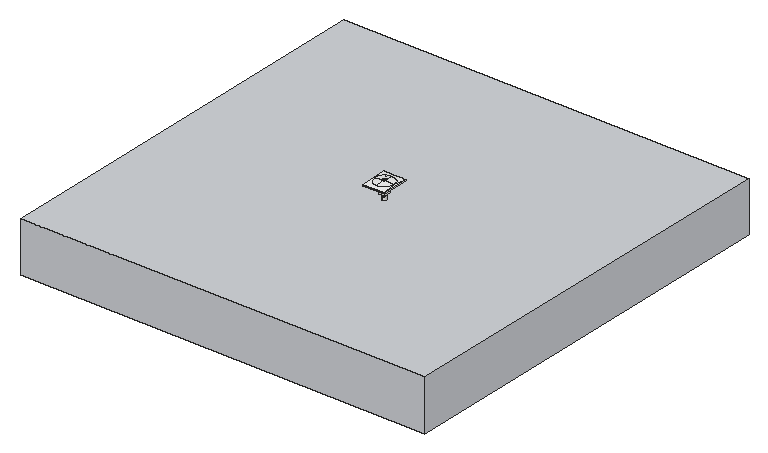
Revit family
Parameters (values of type "Chrome-Polished_Chrome-CP")
  Width = 0' - 5 1/4"
  WFU = 0
  URL = "http://www.us.kohler.com"
  Product Page URL = "http://www.us.kohler.com/onlinecatalog/detail.jsp?prod_num=14786"
  Product Documentation Link = "http://www.us.kohler.com/onlinecatalog/pdf/1124038_4.pdf"
  Model = "K-14786"  # constant formula
  Manufacturer = "Kohler"  # constant formula
  Length = 0' - 3 7/8"
  Hot Water Radius = 3/16"
  Hot Water Diameter = Hot Water Radius * 2  # 3/8"
  Hot Water Connector = "Hot Water Connection"  # constant formula
  Height = 0' - 6 5/16"
  HWFU = 0
  HW Connection = yes
  Finish = Chrome-Kohler-CP-Polished_Chrome
  Description = "Loure® single-function showerhead"  # constant formula
  Default Elevation = 0' - 0"
  Cold Water Radius = 3/16"
  Cold Water Diameter = Cold Water Radius * 2  # 3/8"
  Cold Water Connector = "Cold Water Connection"  # constant formula
  CWFU = 0
  CW Connection = yes
  Assembly Code = "D2010700"
  ADA Compliant = no
Types (4): name | Finish
  (no name) | Chrome-Kohler-CP-Polished_Chrome
  Chrome-Polished_Chrome-CP | Chrome-Kohler-CP-Polished_Chrome
  Nickel-Vibrant_Brushed_Nickel-BN | Nickel-Kohler-BN-Vibrant_Brushed_Nickel
  Nickel-Vibrant_Polished_Nickel-SN | Nickel-Kohler-SN-Vibrant_Polished_Nickel
Reference planes (in)
  plane 1 "Center (Front/Back)": y = 0
  plane 2 "Back": z = 0
  plane 3 "Center (Left/Right)": x = 0
  plane 4 "Left": x = -2.625
  plane 5 "Right": x = 2.625
  plane 6 "Top": y = 3.15625
  plane 7 "Bottom": y = -3.15625
  plane 8 "Front": z = 3.875
  plane 9: z = 1.17019
  plane 10: y = 0.75596
  plane 11: y = -0.75596
  plane 12: x = -0.62872
  plane 13: x = 0.62872
  plane 14: y = 0.79085
  plane 15: y = -0.79085
  plane 16: x = -0.65997
  plane 17: x = 0.65997
  plane 18: z = 3.24555
  plane 19: y = 2.53047
  plane 20: y = -2.53352
  plane 21: z = 3.50008
  plane 22: z = 2.15751
  plane 23: y = 0.50504
  plane 24: y = -0.49583
  plane 25: z = 0.97128
  plane 26: y = 0.3576
  plane 27: z = 1.09086
  plane 28: y = 0.33937
  plane 29: y = 0.41908
  plane 30: z = 2.21929
  plane 31: z = 3.093
  plane 32: y = 2.40341
  plane 33: y = 2.27523
  plane 34: z = 3.68734
  plane 35: y = 2.23453
  plane 36: y = 0.46115
  plane 37: z = 3.8928
  plane 38: y = -0.50504
  plane 39: y = -0.3576
  plane 40: y = -0.33937
  plane 41: y = -0.41908
  plane 42: y = -2.40341
  plane 43: y = -2.27523
  plane 44: y = -2.23453
  plane 45: y = -0.46115
  plane 46: x = -0.50504
  plane 47: x = 0.49583
  plane 48: z = 0.97128
  plane 49: x = -0.3576
  plane 50: z = 1.09086
  plane 51: x = -0.33937
  plane 52: x = -0.41908
  plane 53: z = 2.21929
  plane 54: z = 3.093
  plane 55: x = -2.40341
  plane 56: x = -2.27523
  plane 57: z = 3.68734
  plane 58: x = -2.23453
  plane 59: x = -0.46115
  plane 60: z = 3.8928
  plane 61: x = 0.50504
  plane 62: x = 0.3576
  plane 63: x = 0.33937
  plane 64: x = 0.41908
  plane 65: x = 2.40341
  plane 66: x = 2.27523
  plane 67: x = 2.23453
  plane 68: x = 0.46115
  plane 69: x = -2.625
  plane 70: z = 0.22226
  plane 71: x = 0.26499
  plane 72: x = -0.26499
Forms (in)
  Extrusion 1, solid
    sketch origin (0, 0, 0) x (1, 0, 0) y (0, 1, 0)
      loop
        line (-48, 48) -> (-48, -48) -> (48, -48) -> (48, 48) -> (-48, 48)
    from 0 to -12
  Blend 2, solid, material "Chrome-Kohler-CP-Polished_Chrome" <- "Finish"
    base sketch origin (0, 0, 0) x (1, 0, 0) y (0, 1, 0)
      loop
        line (2.625, 3.15625) -> (-2.625, 3.15625) -> (-2.625, -3.15625) -> (2.625, -3.15625) -> (2.625, 3.15625)
    top sketch origin (0, 0, 0) x (1, 0, 0) y (0, 1, 0)
      loop
        circle (0, 0) r 2.26868
    from 3.50008 to 3.68396
  Blend 3, solid, material "Chrome-Kohler-CP-Polished_Chrome" <- "Finish"
    base sketch origin (0, 0, 0) x (1, 0, 0) y (0, 1, 0)
      loop
        arc (2.26868, 0) -> (1.6042, 1.6042) -> (0, 2.26868) r 2.26868
        arc (0, 2.26868) -> (-1.6042, 1.6042) -> (-2.26868, 0) r 2.26868
        arc (-2.26868, 0) -> (-1.6042, -1.6042) -> (0, -2.26868) r 2.26868
        arc (0, -2.26868) -> (1.6042, -1.6042) -> (2.26868, 0) r 2.26868
    top sketch origin (0, 0, 0) x (1, 0, 0) y (0, 1, 0)
      loop
        arc (-0.4603, 0) -> (-0.32548, -0.32548) -> (0, -0.4603) r 0.4603
        arc (0, -0.4603) -> (0.32548, -0.32548) -> (0.4603, 0) r 0.4603
        arc (0.4603, 0) -> (0.32548, 0.32548) -> (0, 0.4603) r 0.4603
        arc (0, 0.4603) -> (-0.32548, 0.32548) -> (-0.4603, 0) r 0.4603
    from 3.68396 to 3.8921
  Blend 4, solid, material "Chrome-Kohler-CP-Polished_Chrome" <- "Finish"
    base sketch origin (0, 0, 0) x (1, 0, 0) y (0, 1, 0)
      loop
        arc (0, 0.4603) -> (-0.32548, 0.32548) -> (-0.4603, 0) r 0.4603
        arc (-0.4603, 0) -> (-0.32548, -0.32548) -> (0, -0.4603) r 0.4603
        arc (0, -0.4603) -> (0.32548, -0.32548) -> (0.4603, 0) r 0.4603
        arc (0.4603, 0) -> (0.32548, 0.32548) -> (0, 0.4603) r 0.4603
    top sketch origin (0, 0, 0) x (1, 0, 0) y (0, 1, 0)
      loop
        arc (0.07749, 0) -> (0.05479, 0.05479) -> (0, 0.07749) r 0.07749
        arc (0, 0.07749) -> (-0.05479, 0.05479) -> (-0.07749, 0) r 0.07749
        arc (-0.07749, 0) -> (-0.05479, -0.05479) -> (0, -0.07749) r 0.07749
        arc (0, -0.07749) -> (0.05479, -0.05479) -> (0.07749, 0) r 0.07749
    from 3.8921 to 3.90283
  Extrusion 5, solid, material "Chrome-Kohler-CP-Polished_Chrome" <- "Finish"
    sketch origin (0, 0, 0) x (1, 0, 0) y (0, 1, 0)
      loop
        arc (0.07749, 0) -> (0.05479, 0.05479) -> (0, 0.07749) r 0.07749
        arc (0, 0.07749) -> (-0.05479, 0.05479) -> (-0.07749, 0) r 0.07749
        arc (-0.07749, 0) -> (-0.05479, -0.05479) -> (0, -0.07749) r 0.07749
        arc (0, -0.07749) -> (0.05479, -0.05479) -> (0.07749, 0) r 0.07749
    from 3.68396 to 3.875
  Revolve 6, solid, material "Chrome-Kohler-CP-Polished_Chrome" <- "Finish"
    sketch origin (0, 0, 0) x (0, 1, 0) y (0, 0, 1)
      loop
        line (0.41988, 1.17019) -> (0, 1.17019) -> (0, 0) -> (0.5, 0) -> (0.5, 0.75792)
        arc (0.5, 0.75792) -> (0.46056, 0.88691) -> (0.35574, 0.9718) r 0.23068
        arc (0.35574, 0.9718) -> (0.31318, 1.02726) -> (0.34106, 1.09137) r 0.06887
        line (0.34106, 1.09137) -> (0.41988, 1.17019)
      axis (0, 1.17019) -> (0, 0)
    angle from 0 to 360
  Blend 7, solid, material "Chrome-Kohler-CP-Polished_Chrome" <- "Finish"
    base sketch origin (0, 0, 0) x (1, 0, 0) y (0, 1, 0)
      loop
        line (-0.65997, 0.79085) -> (-0.65997, -0.79085) -> (0.65997, -0.79085) -> (0.65997, 0.79085) -> (-0.65997, 0.79085)
    top sketch origin (0, 0, 0) x (1, 0, 0) y (0, 1, 0)
      loop
        line (-2.26868, 2.53047) -> (-2.26868, -2.53352) -> (2.26868, -2.53352) -> (2.26868, 2.53047) -> (-2.26868, 2.53047)
    from 2.15751 to 3.24555
  Extrusion 8, solid, material "Chrome-Kohler-CP-Polished_Chrome" <- "Finish"
    sketch origin (0, 0, 0) x (1, 0, 0) y (0, 1, 0)
      loop
        line (-2.625, 3.15625) -> (-2.625, -3.15625) -> (2.625, -3.15625) -> (2.625, 3.15625) -> (-2.625, 3.15625)
    from 3.24555 to 3.50008
  Blend 9, solid, material "Chrome-Kohler-CP-Polished_Chrome" <- "Finish"
    base sketch origin (0, 0, 0) x (1, 0, 0) y (0, 1, 0)
      loop
        line (-0.62872, 0.75596) -> (-0.62872, -0.75596) -> (0.62872, -0.75596) -> (0.62872, 0.75596) -> (-0.62872, 0.75596)
    top sketch origin (0, 0, 0) x (1, 0, 0) y (0, 1, 0)
      loop
        line (-0.65997, 0.79085) -> (-0.65997, -0.79085) -> (0.65997, -0.79085) -> (0.65997, 0.79085) -> (-0.65997, 0.79085)
    from 1.17019 to 2.15751
  Extrusion 10, void
    sketch origin (0, 0, 0) x (1, 0, 0) y (0, 1, 0)
      loop
        arc (0.07749, 0) -> (0.13241, -0.13258) -> (0.26499, -0.1875) r 0.1875
        arc (0.26499, -0.1875) -> (0.39757, -0.13258) -> (0.45249, 0) r 0.1875
        arc (0.45249, 0) -> (0.39757, 0.13258) -> (0.26499, 0.1875) r 0.1875
        arc (0.26499, 0.1875) -> (0.13241, 0.13258) -> (0.07749, 0) r 0.1875
      loop
        arc (-0.07749, 0) -> (-0.13241, 0.13258) -> (-0.26499, 0.1875) r 0.1875
        arc (-0.26499, 0.1875) -> (-0.39757, 0.13258) -> (-0.45249, 0) r 0.1875
        arc (-0.45249, 0) -> (-0.39757, -0.13258) -> (-0.26499, -0.1875) r 0.1875
        arc (-0.26499, -0.1875) -> (-0.13241, -0.13258) -> (-0.07749, 0) r 0.1875
    from 0 to 0.22226
Cuts and joins
  Extrusion 10 cuts Revolve 6
  joined: Blend 2, Blend 3, Blend 4, Extrusion 5, Revolve 6, Blend 7, Extrusion 8, Blend 9
Lines and regions (in)
  Masking region 1
    outline origin (0, 0, 0) x (1, 0, 0) y (0, 1, 0)
      loop
        line (-2.625, 3.15625) -> (-2.625, -3.15625) -> (2.625, -3.15625) -> (2.625, 3.15625) -> (-2.625, 3.15625)
  Masking region 2, detail levels coarse
    outline origin (0, 0, 0) x (0, 1, 0) y (0, 0, 1)
      loop
        line (3.15625, 3.875) -> (-3.15625, 3.875) -> (-3.15625, 0) -> (3.15625, 0) -> (3.15625, 3.875)
  Masking region 3, detail levels medium+fine
    outline origin (0, 0, 0) x (0, 1, 0) y (0, 0, 1)
      loop
        line (-0.50504, 0) -> (0.50504, 0) -> (0.50504, 0.75792)
        arc (0.50504, 0.75792) -> (0.46459, 0.8876) -> (0.3576, 0.97128) r 0.22809
        arc (0.3576, 0.97128) -> (0.31352, 1.02574) -> (0.33937, 1.09086) r 0.06941
        line (0.33937, 1.09086) -> (0.41869, 1.17019) -> (0.75596, 1.17019) -> (0.79259, 2.21929) -> (2.40341, 3.093)
        arc (2.40341, 3.093) -> (2.48158, 3.15708) -> (2.53047, 3.24555) r 0.26809
        line (2.53047, 3.24555) -> (3.15625, 3.24555) -> (3.15625, 3.50008)
        arc (3.15625, 3.50008) -> (1.84071, 3.76441) -> (0.50504, 3.8928) r 13.10165
        line (0.50504, 3.8928) -> (0.41908, 3.8928)
        arc (0.41908, 3.8928) -> (0, 3.90286) -> (-0.41908, 3.8928) r 8.73831
        line (-0.41908, 3.8928) -> (-0.50504, 3.8928)
        arc (-0.50504, 3.8928) -> (-1.84071, 3.76441) -> (-3.15625, 3.50008) r 13.10165
        line (-3.15625, 3.50008) -> (-3.15625, 3.24555) -> (-2.53047, 3.24555)
        arc (-2.53047, 3.24555) -> (-2.48158, 3.15708) -> (-2.40341, 3.093) r 0.26809
        line (-2.40341, 3.093) -> (-0.79259, 2.21929) -> (-0.75596, 1.17019) -> (-0.41869, 1.17019) -> (-0.33937, 1.09086)
        arc (-0.33937, 1.09086) -> (-0.31352, 1.02574) -> (-0.3576, 0.97128) r 0.06941
        arc (-0.3576, 0.97128) -> (-0.46459, 0.8876) -> (-0.50504, 0.75792) r 0.22809
        line (-0.50504, 0.75792) -> (-0.50504, 0)
  Masking region 4, detail levels medium+fine
    outline origin (0, 0, 0) x (-1, 0, 0) y (0, 0, 1)
      loop
        line (-0.50504, 0) -> (0.50504, 0) -> (0.50504, 0.75792)
        arc (0.50504, 0.75792) -> (0.46459, 0.8876) -> (0.3576, 0.97128) r 0.22809
        arc (0.3576, 0.97128) -> (0.31352, 1.02574) -> (0.33937, 1.09086) r 0.06941
        line (0.33937, 1.09086) -> (0.41869, 1.17019) -> (0.75596, 1.17019) -> (0.79259, 2.21929) -> (2.40341, 3.093)
        arc (2.40341, 3.093) -> (2.48158, 3.15708) -> (2.53047, 3.24555) r 0.26809
        line (2.53047, 3.24555) -> (2.625, 3.24555) -> (2.625, 3.50008)
        arc (2.625, 3.50008) -> (1.57585, 3.75488) -> (0.50504, 3.8928) r 9.80577
        line (0.50504, 3.8928) -> (0.41908, 3.8928)
        arc (0.41908, 3.8928) -> (0, 3.90286) -> (-0.41908, 3.8928) r 8.73831
        line (-0.41908, 3.8928) -> (-0.50504, 3.8928)
        arc (-0.50504, 3.8928) -> (-1.58305, 3.79379) -> (-2.625, 3.50008) r 5.91826
        line (-2.625, 3.50008) -> (-2.625, 3.24555) -> (-2.53047, 3.24555)
        arc (-2.53047, 3.24555) -> (-2.48158, 3.15708) -> (-2.40341, 3.093) r 0.26809
        line (-2.40341, 3.093) -> (-0.79259, 2.21929) -> (-0.75596, 1.17019) -> (-0.41869, 1.17019) -> (-0.33937, 1.09086)
        arc (-0.33937, 1.09086) -> (-0.31352, 1.02574) -> (-0.3576, 0.97128) r 0.06941
        arc (-0.3576, 0.97128) -> (-0.46459, 0.8876) -> (-0.50504, 0.75792) r 0.22809
        line (-0.50504, 0.75792) -> (-0.50504, 0)
  Masking region 5
    outline origin (0, 0, 0) x (1, 0, 0) y (0, 1, 0)
      loop
        line (-2.625, 3.15625) -> (-2.625, -3.15625) -> (2.625, -3.15625) -> (2.625, 3.15625) -> (-2.625, 3.15625)
  Masking region 6, detail levels coarse
    outline origin (0, 0, 0) x (1, 0, 0) y (0, 0, 1)
      loop
        line (-2.625, 3.875) -> (-2.625, 0) -> (2.625, 0) -> (2.625, 3.875) -> (-2.625, 3.875)
  symbolic lines, style "Masking Lines", detail levels medium+fine
    curve 1: arc (-2.26868, 0, 0) -> (-1.6042, 1.6042, 0) -> (0, 2.26868, 0) r 2.26868
    curve 2: arc (0, 2.26868, 0) -> (1.6042, 1.6042, 0) -> (2.26868, 0, 0) r 2.26868
    curve 3: arc (2.26868, 0, 0) -> (1.6042, -1.6042, 0) -> (0, -2.26868, 0) r 2.26868
    curve 4: arc (0, -2.26868, 0) -> (-1.6042, -1.6042, 0) -> (-2.26868, 0, 0) r 2.26868
    curve 45: arc (-2.26868, 0, 0) -> (-1.6042, 1.6042, 0) -> (0, 2.26868, 0) r 2.26868
    curve 46: arc (0, 2.26868, 0) -> (1.6042, 1.6042, 0) -> (2.26868, 0, 0) r 2.26868
    curve 47: arc (2.26868, 0, 0) -> (1.6042, -1.6042, 0) -> (0, -2.26868, 0) r 2.26868
    curve 48: arc (0, -2.26868, 0) -> (-1.6042, -1.6042, 0) -> (-2.26868, 0, 0) r 2.26868
  symbolic lines, style "Masking Lines", detail levels fine
    curve 5: arc (0, 0.4603, 0) -> (0.32548, 0.32548, 0) -> (0.4603, 0, 0) r 0.4603
    curve 6: arc (0.4603, 0, 0) -> (0.32548, -0.32548, 0) -> (0, -0.4603, 0) r 0.4603
    curve 7: arc (0, -0.4603, 0) -> (-0.32548, -0.32548, 0) -> (-0.4603, 0, 0) r 0.4603
    curve 8: arc (-0.4603, 0, 0) -> (-0.32548, 0.32548, 0) -> (0, 0.4603, 0) r 0.4603
    curve 9: line (0, -0.75592, 1.16905) -> (0, 0.756, 1.17132)
    curve 10: line (0, 0.83834, 2.24502) -> (0, -0.83834, 2.24255)
    curve 11: line (0, -3.15627, 3.24085) -> (0, 3.15326, 3.25024)
    curve 12: line (0, -3.08263, 3.48183) -> (0, -3.02327, 3.48573)
    curve 13: line (0, -3.02327, 3.48573) -> (0, -2.9664, 3.48905)
    curve 14: line (0, -2.9664, 3.48905) -> (0, -2.90956, 3.49182)
    curve 15: line (0, -2.90956, 3.49182) -> (0, -2.85281, 3.49431)
    curve 16: line (0, -2.85281, 3.49431) -> (0, -2.79597, 3.49638)
    curve 17: line (0, -2.79597, 3.49638) -> (0, -2.73929, 3.498)
    curve 18: line (0, -2.73929, 3.498) -> (0, -2.68261, 3.49921)
    curve 19: line (0, -2.68261, 3.49921) -> (0, -2.62596, 3.50005)
    curve 20: line (0, -2.62596, 3.50005) -> (0, -2.56935, 3.50028)
    curve 21: line (0, -2.56935, 3.50028) -> (0, -2.18215, 3.50205)
    curve 22: line (0, -2.18215, 3.50205) -> (0, -1.80933, 3.50378)
    curve 23: line (0, -1.80933, 3.50378) -> (0, -1.45009, 3.50552)
    curve 24: line (0, -1.45009, 3.50552) -> (0, -1.10528, 3.50738)
    curve 25: line (0, -1.10528, 3.50738) -> (0, -0.7731, 3.50923)
    curve 26: line (0, -0.7731, 3.50923) -> (0, -0.44905, 3.51062)
    curve 27: line (0, -0.44905, 3.51062) -> (0, -0.13722, 3.51151)
    curve 28: line (0, -0.13722, 3.51151) -> (0, 0.16605, 3.51151)
    curve 29: line (0, 0.16605, 3.51151) -> (0, 0.4766, 3.51151)
    curve 30: line (0, 0.4766, 3.51151) -> (0, 0.79771, 3.51151)
    curve 31: line (0, 0.79771, 3.51151) -> (0, 1.12556, 3.51059)
    curve 32: line (0, 1.12556, 3.51059) -> (0, 1.4655, 3.50981)
    curve 33: line (0, 1.4655, 3.50981) -> (0, 1.81906, 3.50916)
    curve 34: line (0, 1.81906, 3.50916) -> (0, 2.18561, 3.50916)
    curve 35: line (0, 2.18561, 3.50916) -> (0, 2.56558, 3.50916)
    curve 36: line (0, 2.56558, 3.50916) -> (0, 2.62212, 3.50916)
    curve 37: line (0, 2.62212, 3.50916) -> (0, 2.67884, 3.50714)
    curve 38: line (0, 2.67884, 3.50714) -> (0, 2.73548, 3.50614)
    curve 39: line (0, 2.73548, 3.50614) -> (0, 2.7922, 3.50463)
    curve 40: line (0, 2.7922, 3.50463) -> (0, 2.849, 3.50279)
    curve 41: line (0, 2.849, 3.50279) -> (0, 2.90576, 3.50047)
    curve 42: line (0, 2.90576, 3.50047) -> (0, 2.96259, 3.49781)
    curve 43: line (0, 2.96259, 3.49781) -> (0, 3.01954, 3.49472)
    curve 44: line (0, 3.01954, 3.49472) -> (0, 3.07878, 3.4909)
    curve 49: arc (0, 0.4603, 0) -> (0.32548, 0.32548, 0) -> (0.4603, 0, 0) r 0.4603
    curve 50: arc (0.4603, 0, 0) -> (0.32548, -0.32548, 0) -> (0, -0.4603, 0) r 0.4603
    curve 51: arc (0, -0.4603, 0) -> (-0.32548, -0.32548, 0) -> (-0.4603, 0, 0) r 0.4603
    curve 52: arc (-0.4603, 0, 0) -> (-0.32548, 0.32548, 0) -> (0, 0.4603, 0) r 0.4603
    curve 53: arc (0, 0.34106, 0) -> (0.34106, 0, 0) -> (0, -0.34106, 0) r 0.34106
    curve 54: arc (0, -0.34106, 0) -> (-0.34106, 0, 0) -> (0, 0.34106, 0) r 0.34106
    curve 55: line (-2.625, 0, 3.50008) -> (2.625, 0, 3.50008)
    curve 56: line (-1.86811, 0, 3.68396) -> (1.97282, 0, 3.68396)
    curve 57: line (-2.625, 0, 3.24555) -> (2.625, 0, 3.24555)
    curve 58: line (-0.79259, 0, 2.21929) -> (0.79259, 0, 2.21929)
    curve 59: line (-0.75596, 0, 1.17019) -> (0.75596, 0, 1.17019)
Dimensions and locks (in)
  plane 4 "Left" to plane 5 "Right" = 0' - 5 1/4"
  equal spacing: plane 12, plane 3 "Center (Left/Right)", plane 13
  plane 12 to plane 13 = 0' - 1.25744"
  plane 32 to plane 33 to plane 35 to plane 23 to plane 36 to plane 29 to plane 26 to plane 28 to plane 40 to plane 39 to plane 41 to plane 45 to plane 24 to plane 38 to plane 44 to plane 43 to plane 42 = 0' - 0.12818" locked, 0' - 0.0407" locked, 0' - 1.72949" locked, 0' - 0.04389" locked, 0' - 0.04207" locked, 0' - 0.06148" locked, 0' - 0.01823" locked, 0' - 0.67874" locked, 0' - 0.01823" locked, 0' - 0.06148" locked, 0' - 0.04207" locked, 0' - 0.03468" locked, 0' - 0.00921" locked, 0' - 1.72949" locked, 0' - 0.0407" locked, 0' - 0.12818" locked
  plane 37 to plane 34 to plane 31 to plane 30 to plane 27 to plane 25 to plane 2 "Back" = 0' - 0.20546" locked, 0' - 0.59434" locked, 0' - 0.87371" locked, 0' - 1.12843" locked, 0' - 0.11958" locked, 0' - 0.97128" locked
  plane 55 to plane 56 to plane 58 to plane 46 to plane 59 to plane 52 to plane 49 to plane 51 to plane 63 to plane 62 to plane 64 to plane 68 to plane 47 to plane 61 to plane 67 to plane 66 to plane 65 = 0' - 0.12818" locked, 0' - 0.0407" locked, 0' - 1.72949" locked, 0' - 0.04389" locked, 0' - 0.04207" locked, 0' - 0.06148" locked, 0' - 0.01823" locked, 0' - 0.67874" locked, 0' - 0.01823" locked, 0' - 0.06148" locked, 0' - 0.04207" locked, 0' - 0.03468" locked, 0' - 0.00921" locked, 0' - 1.72949" locked, 0' - 0.0407" locked, 0' - 0.12818" locked
  plane 60 to plane 57 to plane 54 to plane 53 to plane 50 to plane 48 = 0' - 0.20546" locked, 0' - 0.59434" locked, 0' - 0.87371" locked, 0' - 1.12843" locked, 0' - 0.11958" locked
  plane 21 to plane 18 to plane 22 to plane 9 to plane 70 to plane 2 "Back" = 0' - 0.25453" locked, 0' - 1.08803" locked, 0' - 0.98733" locked, 0' - 0.94793" locked, 0' - 0.22226" locked
  "Length": plane 8 "Front" to plane 2 "Back"
  "Width": plane 5 "Right" to plane 69
  plane 17 to plane 13 to plane 3 "Center (Left/Right)" to plane 12 to plane 16 = 0' - 0 1/32" locked, 0' - 0.62872" locked, 0' - 0.62872" locked, 0' - 0 1/32" locked
  plane 19 to plane 14 to plane 10 to plane 1 "Center (Front/Back)" to plane 11 to plane 15 to plane 20 = 0' - 1.73962" locked, 0' - 0.03489" locked, 0' - 0.75596" locked, 0' - 0.75596" locked, 0' - 0.03489" locked, 0' - 1.74267" locked
  "Height": plane 6 "Top" to plane 7 "Bottom"
  "Cold Water Radius": radius of Extrusion 10 sketch curve
  "Hot Water Radius": radius of Extrusion 10 sketch curve
  aligned and locked: plane 2 "Back" to Extrusion 1
  aligned and locked: level to Extrusion 1
  aligned and locked: Blend 4 sketch curve to Blend 3  (x4)
  aligned and locked: Extrusion 5 sketch curve to Blend 4  (x4)
  aligned and locked: Extrusion 5 to plane 8 "Front"
  aligned and locked: plane 2 "Back" to Revolve 6
  aligned and locked: Revolve 6 to plane 9
  aligned and locked: Blend 2 sketch curve to plane 4 "Left"
  aligned and locked: plane 5 "Right" to Blend 2 sketch curve
  aligned and locked: Blend 7 sketch curve to plane 14
  aligned and locked: Blend 7 sketch curve to plane 17
  aligned and locked: plane 15 to Blend 7 sketch curve
  aligned and locked: plane 16 to Blend 7 sketch curve
  aligned and locked: Blend 7 sketch curve to plane 19
  aligned and locked: plane 20 to Blend 7 sketch curve
  aligned and locked: Extrusion 8 sketch curve to plane 6 "Top"
  aligned and locked: Extrusion 8 sketch curve to plane 5 "Right"
  aligned and locked: plane 7 "Bottom" to Extrusion 8 sketch curve
  aligned and locked: plane 4 "Left" to Extrusion 8 sketch curve
  aligned and locked: plane 18 to Extrusion 8
  aligned and locked: Extrusion 8 to plane 21
  aligned and locked: Blend 9 sketch curve to plane 10
  aligned and locked: Blend 9 sketch curve to plane 13
  aligned and locked: plane 11 to Blend 9 sketch curve
  aligned and locked: plane 12 to Blend 9 sketch curve
  aligned and locked: Blend 9 sketch curve to plane 14
  aligned and locked: Blend 9 sketch curve to plane 17
  aligned and locked: plane 15 to Blend 9 sketch curve
  aligned and locked: plane 16 to Blend 9 sketch curve
  aligned and locked: plane 9 to Blend 9
  aligned and locked: Blend 9 to plane 22
  aligned and locked: Masking region 1 sketch curve to plane 6 "Top"
  aligned and locked: Masking region 1 sketch curve to plane 5 "Right"
  aligned and locked: plane 7 "Bottom" to Masking region 1 sketch curve
  aligned and locked: plane 4 "Left" to Masking region 1 sketch curve
  aligned and locked: curve 1 to cut or joined group of Blend 2, Blend 3, Blend 4, Extrusion 5, Revolve 6, Blend 7, Extrusion 8, Blend 9, Extrusion 10
  aligned and locked: curve 2 to cut or joined group of Blend 2, Blend 3, Blend 4, Extrusion 5, Revolve 6, Blend 7, Extrusion 8, Blend 9, Extrusion 10
  aligned and locked: curve 3 to cut or joined group of Blend 2, Blend 3, Blend 4, Extrusion 5, Revolve 6, Blend 7, Extrusion 8, Blend 9, Extrusion 10
  aligned and locked: curve 4 to cut or joined group of Blend 2, Blend 3, Blend 4, Extrusion 5, Revolve 6, Blend 7, Extrusion 8, Blend 9, Extrusion 10
  aligned and locked: curve 5 to cut or joined group of Blend 2, Blend 3, Blend 4, Extrusion 5, Revolve 6, Blend 7, Extrusion 8, Blend 9, Extrusion 10
  aligned and locked: curve 6 to cut or joined group of Blend 2, Blend 3, Blend 4, Extrusion 5, Revolve 6, Blend 7, Extrusion 8, Blend 9, Extrusion 10
  aligned and locked: curve 7 to cut or joined group of Blend 2, Blend 3, Blend 4, Extrusion 5, Revolve 6, Blend 7, Extrusion 8, Blend 9, Extrusion 10
  aligned and locked: curve 8 to cut or joined group of Blend 2, Blend 3, Blend 4, Extrusion 5, Revolve 6, Blend 7, Extrusion 8, Blend 9, Extrusion 10
  aligned and locked: plane 8 "Front" to Masking region 2 sketch curve
  aligned and locked: plane 7 "Bottom" to Masking region 2 sketch curve
  aligned and locked: plane 2 "Back" to Masking region 2 sketch curve
  aligned and locked: Masking region 2 sketch curve to plane 6 "Top"
  aligned and locked: plane 2 "Back" to Masking region 3 sketch curve
  aligned and locked: plane 23 to Masking region 3 sketch curve  (x3)
  aligned and locked: Masking region 3 sketch curve to plane 38
  aligned and locked: plane 25 to Masking region 3 sketch curve  (x2)
  aligned and locked: plane 26 to Masking region 3 sketch curve
  aligned and locked: plane 28 to Masking region 3 sketch curve
  aligned and locked: plane 27 to Masking region 3 sketch curve  (x2)
  aligned and locked: Masking region 3 sketch curve to plane 9
  aligned and locked: plane 10 to Masking region 3 sketch curve
  aligned and locked: plane 30 to Masking region 3 sketch curve  (x2)
  aligned and locked: plane 32 to Masking region 3 sketch curve
  aligned and locked: plane 31 to Masking region 3 sketch curve  (x2)
  aligned and locked: plane 19 to Masking region 3 sketch curve
  aligned and locked: Masking region 3 sketch curve to plane 18
  aligned and locked: Masking region 3 sketch curve to plane 6 "Top"
  aligned and locked: plane 6 "Top" to Masking region 3 sketch curve
  aligned and locked: plane 21 to Masking region 3 sketch curve  (x2)
  aligned and locked: plane 37 to Masking region 3 sketch curve  (x3)
  aligned and locked: plane 41 to Masking region 3 sketch curve
  aligned and locked: plane 38 to Masking region 3 sketch curve  (x2)
  aligned and locked: plane 7 "Bottom" to Masking region 3 sketch curve
  aligned and locked: Masking region 3 sketch curve to plane 7 "Bottom"
  aligned and locked: plane 18 to Masking region 3 sketch curve
  aligned and locked: plane 42 to Masking region 3 sketch curve
  aligned and locked: plane 9 to Masking region 3 sketch curve  (x2)
  aligned and locked: plane 11 to Masking region 3 sketch curve
  aligned and locked: plane 40 to Masking region 3 sketch curve
  aligned and locked: plane 39 to Masking region 3 sketch curve
  aligned and locked: plane 46 to Masking region 4 sketch curve  (x2)
  aligned and locked: Masking region 4 sketch curve to plane 61
  aligned and locked: plane 48 to Masking region 4 sketch curve  (x2)
  aligned and locked: plane 49 to Masking region 4 sketch curve
  aligned and locked: plane 51 to Masking region 4 sketch curve
  aligned and locked: plane 50 to Masking region 4 sketch curve  (x2)
  aligned and locked: plane 53 to Masking region 4 sketch curve  (x2)
  aligned and locked: plane 55 to Masking region 4 sketch curve
  aligned and locked: plane 54 to Masking region 4 sketch curve  (x2)
  aligned and locked: plane 64 to Masking region 4 sketch curve
  aligned and locked: plane 60 to Masking region 4 sketch curve  (x2)
  aligned and locked: plane 61 to Masking region 4 sketch curve  (x2)
  aligned and locked: plane 65 to Masking region 4 sketch curve
  aligned and locked: plane 63 to Masking region 4 sketch curve
  aligned and locked: plane 62 to Masking region 4 sketch curve
  aligned and locked: Masking region 5 sketch curve to plane 6 "Top"
  aligned and locked: Masking region 5 sketch curve to plane 5 "Right"
  aligned and locked: plane 7 "Bottom" to Masking region 5 sketch curve
  aligned and locked: plane 69 to Masking region 5 sketch curve
  aligned and locked: curve 45 to cut or joined group of Blend 2, Blend 3, Blend 4, Extrusion 5, Revolve 6, Blend 7, Extrusion 8, Blend 9, Extrusion 10
  aligned and locked: curve 46 to cut or joined group of Blend 2, Blend 3, Blend 4, Extrusion 5, Revolve 6, Blend 7, Extrusion 8, Blend 9, Extrusion 10
  aligned and locked: curve 47 to cut or joined group of Blend 2, Blend 3, Blend 4, Extrusion 5, Revolve 6, Blend 7, Extrusion 8, Blend 9, Extrusion 10
  aligned and locked: curve 48 to cut or joined group of Blend 2, Blend 3, Blend 4, Extrusion 5, Revolve 6, Blend 7, Extrusion 8, Blend 9, Extrusion 10
  aligned and locked: curve 49 to cut or joined group of Blend 2, Blend 3, Blend 4, Extrusion 5, Revolve 6, Blend 7, Extrusion 8, Blend 9, Extrusion 10
  aligned and locked: curve 50 to cut or joined group of Blend 2, Blend 3, Blend 4, Extrusion 5, Revolve 6, Blend 7, Extrusion 8, Blend 9, Extrusion 10
  aligned and locked: curve 51 to cut or joined group of Blend 2, Blend 3, Blend 4, Extrusion 5, Revolve 6, Blend 7, Extrusion 8, Blend 9, Extrusion 10
  aligned and locked: curve 52 to cut or joined group of Blend 2, Blend 3, Blend 4, Extrusion 5, Revolve 6, Blend 7, Extrusion 8, Blend 9, Extrusion 10
  aligned and locked: curve 53 to cut or joined group of Blend 2, Blend 3, Blend 4, Extrusion 5, Revolve 6, Blend 7, Extrusion 8, Blend 9, Extrusion 10
  aligned and locked: curve 54 to cut or joined group of Blend 2, Blend 3, Blend 4, Extrusion 5, Revolve 6, Blend 7, Extrusion 8, Blend 9, Extrusion 10
  aligned and locked: Extrusion 10 to plane 2 "Back"
  aligned and locked: Extrusion 10 to plane 70
  aligned and locked: plane 69 to Masking region 4 sketch curve
  aligned and locked: plane 5 "Right" to Masking region 4 sketch curve
  aligned and locked: plane 72 to Extrusion 10 sketch curve  (x2)
  aligned and locked: plane 1 "Center (Front/Back)" to Extrusion 10 sketch curve  (x4)
  aligned and locked: plane 71 to Extrusion 10 sketch curve  (x2)
  aligned and locked: plane 8 "Front" to Masking region 6 sketch curve
  aligned and locked: plane 4 "Left" to Masking region 6 sketch curve
  aligned and locked: level to Masking region 6 sketch curve
  aligned and locked: Masking region 6 sketch curve to plane 5 "Right"
  aligned and locked: curve 55 to cut or joined group of Blend 2, Blend 3, Blend 4, Extrusion 5, Revolve 6, Blend 7, Extrusion 8, Blend 9, Extrusion 10  (x2)
Automatic sketch dimensions
  curve 11 to plane 7 "Bottom" = 0' - 0.00002"
  plane 21 to curve 12 = 0' - 0.01825"
  plane 7 "Bottom" to curve 12 = 0' - 0.07362"
  plane 21 to curve 12 = 0' - 0.01435"
  curve 12 to curve 12 = 0' - 0.05936"
  plane 21 to curve 14 = 0' - 0.01103"
  curve 12 to curve 14 = 0' - 0.05687"
  plane 21 to curve 15 = 0' - 0.00826"
  curve 13 to curve 15 = 0' - 0.05683"
  plane 21 to curve 15 = 0' - 0.00577"
  curve 14 to curve 15 = 0' - 0.05676"
  plane 21 to curve 17 = 0' - 0.0037"
  curve 15 to curve 17 = 0' - 0.05683"
  plane 21 to curve 18 = 0' - 0.00208"
  curve 16 to curve 18 = 0' - 0.05668"
  plane 21 to curve 19 = 0' - 0.00087"
  curve 17 to curve 19 = 0' - 0.05668"
  plane 21 to curve 20 = 0' - 0.00003"
  curve 18 to curve 20 = 0' - 0.05665"
  curve 20 to plane 21 = 0' - 0.0002"
  curve 20 to plane 20 = 0' - 0.03583"
  curve 22 to plane 21 = 0' - 0.00197"
  curve 22 to plane 21 = 0' - 0.00371"
  curve 21 to curve 22 = 0' - 0.37281"
  curve 24 to plane 21 = 0' - 0.00544"
  curve 22 to curve 24 = 0' - 0.35924"
  curve 24 to plane 21 = 0' - 0.0073"
  curve 24 to plane 15 = 0' - 0.31443"
  curve 10 to plane 15 = 0' - 0.04748"
  curve 25 to plane 11 = 0' - 0.01714"
  plane 11 to curve 9 = 0' - 0.00004"
  curve 27 to plane 21 = 0' - 0.01055"
  plane 11 to curve 27 = 0' - 0.3069"
  plane 1 "Center (Front/Back)" to curve 27 = 0' - 0.13722"
  curve 28 to plane 1 "Center (Front/Back)" = 0' - 0.16605"
  curve 30 to plane 10 = 0' - 0.27935"
  plane 10 to curve 9 = 0' - 0.00004"
  plane 14 to curve 30 = 0' - 0.00685"
  plane 14 to curve 10 = 0' - 0.04748"
  curve 31 to plane 21 = 0' - 0.01051"
  curve 30 to curve 31 = 0' - 0.32785"
  curve 33 to plane 21 = 0' - 0.00974"
  curve 31 to curve 33 = 0' - 0.33995"
  curve 32 to curve 34 = 0' - 0.35355"
  curve 34 to plane 19 = 0' - 0.34486"
  plane 19 to curve 36 = 0' - 0.03511"
  curve 37 to plane 21 = 0' - 0.00908"
  curve 35 to curve 37 = 0' - 0.05653"
  curve 38 to plane 21 = 0' - 0.00706"
  curve 36 to curve 38 = 0' - 0.05672"
  curve 39 to plane 21 = 0' - 0.00606"
  curve 37 to curve 39 = 0' - 0.05665"
  curve 39 to plane 21 = 0' - 0.00455"
  curve 38 to curve 39 = 0' - 0.05672"
  curve 41 to plane 21 = 0' - 0.00271"
  curve 39 to curve 41 = 0' - 0.0568"
  curve 41 to plane 21 = 0' - 0.00039"
  curve 40 to curve 41 = 0' - 0.05676"
  plane 21 to curve 43 = 0' - 0.00227"
  curve 41 to curve 43 = 0' - 0.05683"
  plane 21 to curve 43 = 0' - 0.00536"
  curve 42 to curve 43 = 0' - 0.05695"
  plane 21 to curve 44 = 0' - 0.00918"
  curve 43 to curve 44 = 0' - 0.05925"
  curve 11 to plane 6 "Top" = 0' - 0.00299"
  curve 26 to plane 21 = 0' - 0.00915"
  curve 30 to plane 21 = 0' - 0.01143"
  Extrusion 1 sketch curve to Extrusion 1 sketch curve = 8' - 0"  (x2)
  Blend 2 sketch curve to plane 7 "Bottom" = 0' - 0"
  Blend 2 sketch curve to plane 6 "Top" = 0' - 0"
  plane 1 "Center (Front/Back)" to Blend 2 sketch curve = 0' - 0"
  Blend 2 sketch curve to plane 3 "Center (Left/Right)" = 0' - 0"
  Blend 3 sketch curve to Blend 3 sketch curve = 0' - 0"  (x13)
  plane 1 "Center (Front/Back)" to Blend 3 sketch curve = 0' - 0"  (x2)
  Blend 3 sketch curve to plane 3 "Center (Left/Right)" = 0' - 0"  (x2)
  plane 12 to Blend 3 sketch curve = 0' - 0.16842"
  Blend 4 sketch curve to Blend 4 sketch curve = 0' - 0"  (x12)
  plane 1 "Center (Front/Back)" to Blend 4 sketch curve = 0' - 0"
  Blend 4 sketch curve to plane 3 "Center (Left/Right)" = 0' - 0"
  Blend 4 sketch curve to Blend 4 sketch curve = 0' - 0.07749"
  Revolve 6 sketch curve to plane 1 "Center (Front/Back)" = 0' - 0"  (x2)
  plane 9 to Revolve 6 sketch curve = 0' - 0"  (x2)
  Revolve 6 sketch curve to level = 0' - 0"  (x2)
  Revolve 6 sketch curve to plane 1 "Center (Front/Back)" = 0' - 0.26932"
  plane 9 to Revolve 6 sketch curve = 0' - 0.07882"
  Revolve 6 sketch curve to plane 1 "Center (Front/Back)" = 0' - 0.34106"
  Revolve 6 sketch curve to Revolve 6 sketch curve = 0' - 0.01468"
  Revolve 6 sketch curve to Revolve 6 sketch curve = 0' - 0"
  Revolve 6 sketch curve to Revolve 6 sketch curve = 0' - 0.0258"
  Revolve 6 sketch curve to Revolve 6 sketch curve = 0' - 0.07882"
  Revolve 6 sketch curve to Revolve 6 sketch curve = 0' - 0 1/2"
  plane 25 to Masking region 3 sketch curve = 0' - 0"  (x2)
  Masking region 3 sketch curve to plane 1 "Center (Front/Back)" = 0' - 0"
  plane 20 to Masking region 3 sketch curve = 0' - 0.00305"
  plane 43 to Masking region 3 sketch curve = 0' - 0.00036"
  Masking region 3 sketch curve to plane 15 = 0' - 0.00174"
  Masking region 3 sketch curve to plane 41 = 0' - 0.00039"
  plane 27 to Masking region 3 sketch curve = 0' - 0.05466"
  plane 1 "Center (Front/Back)" to Masking region 3 sketch curve = 0' - 0.07908"
  Masking region 3 sketch curve to plane 1 "Center (Front/Back)" = 0' - 0.07908"
  Masking region 3 sketch curve to plane 28 = 0' - 0.06242"
  Masking region 3 sketch curve to plane 29 = 0' - 0.00039"
  plane 14 to Masking region 3 sketch curve = 0' - 0.00174"
  plane 33 to Masking region 3 sketch curve = 0' - 0.00036"
  Masking region 3 sketch curve to Masking region 3 sketch curve = 0' - 4.36038"
  plane 20 to curve 21 = 0' - 0.35137"
  Masking region 4 sketch curve to plane 18 = 0' - 0"  (x2)
  Masking region 4 sketch curve to plane 9 = 0' - 0"  (x2)
  Masking region 4 sketch curve to plane 48 = 0' - 0"  (x2)
  Masking region 4 sketch curve to plane 3 "Center (Left/Right)" = 0' - 0"
  plane 52 to Masking region 4 sketch curve = 0' - 0"
  Masking region 4 sketch curve to plane 46 = 0' - 0"
  Masking region 4 sketch curve to level = 0' - 0"
  Masking region 4 sketch curve to plane 21 = 0' - 0"  (x2)
  Masking region 4 sketch curve to Masking region 4 sketch curve = 0' - 0.09453"  (x2)
  plane 66 to Masking region 4 sketch curve = 0' - 0.00036"
  plane 17 to Masking region 4 sketch curve = 0' - 0.13263"
  plane 17 to Masking region 4 sketch curve = 0' - 0.09599"
  Masking region 4 sketch curve to plane 64 = 0' - 0.00039"
  plane 50 to Masking region 4 sketch curve = 0' - 0.05466"
  Masking region 4 sketch curve to plane 63 = 0' - 0.12909"
  Masking region 4 sketch curve to plane 51 = 0' - 0.06242"
  Masking region 4 sketch curve to plane 52 = 0' - 0.00039"
  Masking region 4 sketch curve to plane 16 = 0' - 0.09599"
  Masking region 4 sketch curve to plane 16 = 0' - 0.13263"
  plane 56 to Masking region 4 sketch curve = 0' - 0.00036"
  Masking region 4 sketch curve to Masking region 4 sketch curve = 0' - 1.05139"
  curve 9 to plane 9 = 0' - 0.00113"
  curve 10 to plane 22 = 0' - 0.08504"
  curve 10 to plane 22 = 0' - 0.0875"
  plane 18 to curve 11 = 0' - 0.00469"
  curve 11 to plane 18 = 0' - 0.00469"
  curve 57 to plane 4 "Left" = 0' - 0"
  curve 59 to plane 9 = 0' - 0"
  curve 57 to plane 5 "Right" = 0' - 0"
  curve 55 to plane 5 "Right" = 0' - 0"
  curve 57 to plane 18 = 0' - 0"
  curve 56 to plane 21 = 0' - 0.18388"
  curve 58 to plane 22 = 0' - 0.06178"
  curve 58 to plane 16 = 0' - 0.13263"
  curve 59 to plane 16 = 0' - 0.09599"
  plane 17 to curve 59 = 0' - 0.09599"
  plane 4 "Left" to curve 56 = 0' - 0.75689"
  plane 4 "Left" to Blend 7 sketch curve = 0' - 0.35632"
  plane 17 to curve 58 = 0' - 0.13263"
  plane 9 to curve 9 = 0' - 0.00113"
  curve 56 to plane 5 "Right" = 0' - 0.65218"
  plane 4 "Left" to Blend 3 sketch curve = 0' - 0.35632"
  Blend 7 sketch curve to plane 5 "Right" = 0' - 0.35632"
  radius of Blend 2 sketch curve = 0' - 2.26868"
Connectors (in)
  piping at (0.26499, 0, 0), driven by "Cold Water Radius", driven by "CW Connection", driven by "Cold Water Connector", driven by "CWFU"
    settings: on cut or joined group of Blend 2, Blend 3, Blend 4, Extrusion 5, Revolve 6, Blend 7, Extrusion 8, Blend 9, Extrusion 10, index 1, connector radius 3/16", flow factor 0, pipe flow 0 GPM, pressure drop 0.00 psi, fitting loss kfactor 0, connector angle 0.00°, fixture units 0, flow configuration 3, flow direction 1, fitting loss method 0, system type 20, connector reference index -1, connector utility 1, adjustable connector no, is connector primary yes, fitting loss table "", connector description "Cold Water Connection"
  piping at (-0.26499, 0, 0), driven by "Hot Water Radius", driven by "HW Connection", driven by "Hot Water Connector", driven by "HWFU"
    settings: on cut or joined group of Blend 2, Blend 3, Blend 4, Extrusion 5, Revolve 6, Blend 7, Extrusion 8, Blend 9, Extrusion 10, index 2, connector radius 3/16", flow factor 0, pipe flow 0 GPM, pressure drop 0.00 psi, fitting loss kfactor 0, connector angle 0.00°, fixture units 0, flow configuration 3, flow direction 1, fitting loss method 0, system type 19, connector reference index -1, connector utility 1, adjustable connector no, is connector primary no, fitting loss table "", connector description "Hot Water Connection"
